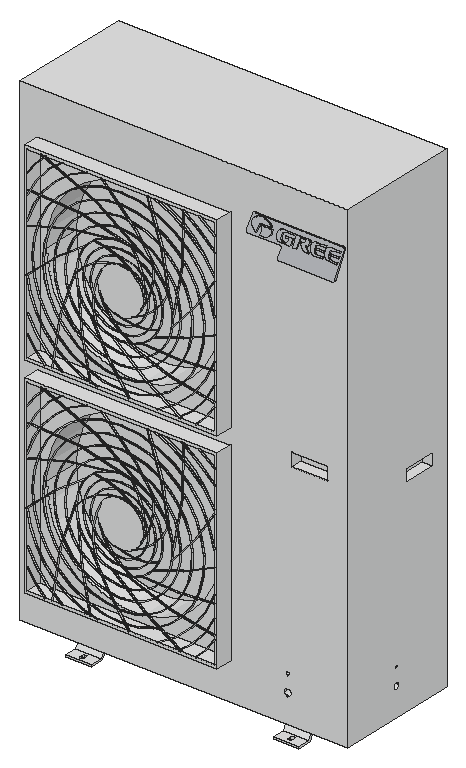
Revit family "GMV-160WLC-T", category 常规模型, Revit 2014 (continued)
Definition of nested family "左视图进风口网格（120）"
  Forms (mm)
    Extrusion 8, void
      sketch origin (0, 0, -177) x (1, 0, 0) y (0, 0, 1)
        loop
          arc (-3, 578.5) -> (-5.197, 583.803) -> (-10.5, 586) r 7.5
          line (-10.5, 586) -> (-92.5, 586)
          arc (-92.5, 586) -> (-97.803, 583.803) -> (-100, 578.5) r 7.5
      from 0 to 2
    Extrusion 9, void
      sketch origin (103, 0, -177) x (1, 0, 0) y (0, 0, 1)
        loop
          line (-100, 578.5) -> (-100, 544.5)
          arc (-100, 544.5) -> (-97.803, 539.197) -> (-92.5, 537) r 7.5
          line (-92.5, 537) -> (-10.5, 537)
          arc (-10.5, 537) -> (-5.197, 539.197) -> (-3, 544.5) r 7.5
          line (-3, 544.5) -> (-3, 578.5)
          arc (-3, 578.5) -> (-5.197, 583.803) -> (-10.5, 586) r 7.5
          line (-10.5, 586) -> (-92.5, 586)
          arc (-92.5, 586) -> (-97.803, 583.803) -> (-100, 578.5) r 7.5
      from 0 to 2
    Extrusion 10, void
      sketch origin (0, 0, -236) x (1, 0, 0) y (0, 0, 1)
        loop
          line (-100, 578.5) -> (-100, 544.5)
          arc (-100, 544.5) -> (-97.803, 539.197) -> (-92.5, 537) r 7.5
          line (-92.5, 537) -> (-10.5, 537)
          arc (-10.5, 537) -> (-5.197, 539.197) -> (-3, 544.5) r 7.5
          line (-3, 544.5) -> (-3, 578.5)
          arc (-3, 578.5) -> (-5.197, 583.803) -> (-10.5, 586) r 7.5
          line (-10.5, 586) -> (-92.5, 586)
          arc (-92.5, 586) -> (-97.803, 583.803) -> (-100, 578.5) r 7.5
      from 0 to 2
    Extrusion 11, void
      sketch origin (103, 0, -236) x (1, 0, 0) y (0, 0, 1)
        loop
          line (-100, 578.5) -> (-100, 544.5)
          arc (-100, 544.5) -> (-97.803, 539.197) -> (-92.5, 537) r 7.5
          line (-92.5, 537) -> (-10.5, 537)
          arc (-10.5, 537) -> (-5.197, 539.197) -> (-3, 544.5) r 7.5
          line (-3, 544.5) -> (-3, 578.5)
          arc (-3, 578.5) -> (-5.197, 583.803) -> (-10.5, 586) r 7.5
          line (-10.5, 586) -> (-92.5, 586)
          arc (-92.5, 586) -> (-97.803, 583.803) -> (-100, 578.5) r 7.5
      from 0 to 2
    Extrusion 12, void
      sketch origin (0, 0, -295) x (1, 0, 0) y (0, 0, 1)
        loop
          line (-100, 578.5) -> (-100, 544.5)
          arc (-100, 544.5) -> (-97.803, 539.197) -> (-92.5, 537) r 7.5
          line (-92.5, 537) -> (-10.5, 537)
          arc (-10.5, 537) -> (-5.197, 539.197) -> (-3, 544.5) r 7.5
          line (-3, 544.5) -> (-3, 578.5)
          arc (-3, 578.5) -> (-5.197, 583.803) -> (-10.5, 586) r 7.5
          line (-10.5, 586) -> (-92.5, 586)
          arc (-92.5, 586) -> (-97.803, 583.803) -> (-100, 578.5) r 7.5
      from 0 to 2
    Extrusion 13, void
      sketch origin (103, 0, -295) x (1, 0, 0) y (0, 0, 1)
        loop
          line (-100, 578.5) -> (-100, 544.5)
          arc (-100, 544.5) -> (-97.803, 539.197) -> (-92.5, 537) r 7.5
          line (-92.5, 537) -> (-10.5, 537)
          arc (-10.5, 537) -> (-5.197, 539.197) -> (-3, 544.5) r 7.5
          line (-3, 544.5) -> (-3, 578.5)
          arc (-3, 578.5) -> (-5.197, 583.803) -> (-10.5, 586) r 7.5
          line (-10.5, 586) -> (-92.5, 586)
          arc (-92.5, 586) -> (-97.803, 583.803) -> (-100, 578.5) r 7.5
      from 0 to 2
    Extrusion 14, void
      sketch origin (0, 0, -354) x (1, 0, 0) y (0, 0, 1)
        loop
          line (-100, 578.5) -> (-100, 544.5)
          arc (-100, 544.5) -> (-97.803, 539.197) -> (-92.5, 537) r 7.5
          line (-92.5, 537) -> (-10.5, 537)
          arc (-10.5, 537) -> (-5.197, 539.197) -> (-3, 544.5) r 7.5
          line (-3, 544.5) -> (-3, 578.5)
          arc (-3, 578.5) -> (-5.197, 583.803) -> (-10.5, 586) r 7.5
          line (-10.5, 586) -> (-92.5, 586)
          arc (-92.5, 586) -> (-97.803, 583.803) -> (-100, 578.5) r 7.5
      from 0 to 2
    Extrusion 15, void
      sketch origin (103, 0, -354) x (1, 0, 0) y (0, 0, 1)
        loop
          line (-100, 578.5) -> (-100, 544.5)
          arc (-100, 544.5) -> (-97.803, 539.197) -> (-92.5, 537) r 7.5
          line (-92.5, 537) -> (-10.5, 537)
          arc (-10.5, 537) -> (-5.197, 539.197) -> (-3, 544.5) r 7.5
          line (-3, 544.5) -> (-3, 578.5)
          arc (-3, 578.5) -> (-5.197, 583.803) -> (-10.5, 586) r 7.5
          line (-10.5, 586) -> (-92.5, 586)
          arc (-92.5, 586) -> (-97.803, 583.803) -> (-100, 578.5) r 7.5
      from 0 to 2
    Extrusion 16, void
      sketch origin (0, 0, -413) x (1, 0, 0) y (0, 0, 1)
        loop
          line (-100, 578.5) -> (-100, 544.5)
          arc (-100, 544.5) -> (-97.803, 539.197) -> (-92.5, 537) r 7.5
          line (-92.5, 537) -> (-10.5, 537)
          arc (-10.5, 537) -> (-5.197, 539.197) -> (-3, 544.5) r 7.5
          line (-3, 544.5) -> (-3, 578.5)
          arc (-3, 578.5) -> (-5.197, 583.803) -> (-10.5, 586) r 7.5
          line (-10.5, 586) -> (-92.5, 586)
          arc (-92.5, 586) -> (-97.803, 583.803) -> (-100, 578.5) r 7.5
      from 0 to 2
    Extrusion 17, void
      sketch origin (103, 0, -413) x (1, 0, 0) y (0, 0, 1)
        loop
          line (-100, 578.5) -> (-100, 544.5)
          arc (-100, 544.5) -> (-97.803, 539.197) -> (-92.5, 537) r 7.5
          line (-92.5, 537) -> (-10.5, 537)
          arc (-10.5, 537) -> (-5.197, 539.197) -> (-3, 544.5) r 7.5
          line (-3, 544.5) -> (-3, 578.5)
          arc (-3, 578.5) -> (-5.197, 583.803) -> (-10.5, 586) r 7.5
          line (-10.5, 586) -> (-92.5, 586)
          arc (-92.5, 586) -> (-97.803, 583.803) -> (-100, 578.5) r 7.5
      from 0 to 2
    Extrusion 18, void
      sketch origin (0, 0, -472) x (1, 0, 0) y (0, 0, 1)
        loop
          line (-100, 578.5) -> (-100, 544.5)
          arc (-100, 544.5) -> (-97.803, 539.197) -> (-92.5, 537) r 7.5
          line (-92.5, 537) -> (-10.5, 537)
          arc (-10.5, 537) -> (-5.197, 539.197) -> (-3, 544.5) r 7.5
          line (-3, 544.5) -> (-3, 578.5)
          arc (-3, 578.5) -> (-5.197, 583.803) -> (-10.5, 586) r 7.5
          line (-10.5, 586) -> (-92.5, 586)
          arc (-92.5, 586) -> (-97.803, 583.803) -> (-100, 578.5) r 7.5
      from 0 to 2
    Extrusion 19, void
      sketch origin (103, 0, -472) x (1, 0, 0) y (0, 0, 1)
        loop
          line (-100, 578.5) -> (-100, 544.5)
          arc (-100, 544.5) -> (-97.803, 539.197) -> (-92.5, 537) r 7.5
          line (-92.5, 537) -> (-10.5, 537)
          arc (-10.5, 537) -> (-5.197, 539.197) -> (-3, 544.5) r 7.5
          line (-3, 544.5) -> (-3, 578.5)
          arc (-3, 578.5) -> (-5.197, 583.803) -> (-10.5, 586) r 7.5
          line (-10.5, 586) -> (-92.5, 586)
          arc (-92.5, 586) -> (-97.803, 583.803) -> (-100, 578.5) r 7.5
      from 0 to 2
    Extrusion 20, void
      sketch origin (0, 0, -531) x (1, 0, 0) y (0, 0, 1)
        loop
          line (-100, 578.5) -> (-100, 544.5)
          arc (-100, 544.5) -> (-97.803, 539.197) -> (-92.5, 537) r 7.5
          line (-92.5, 537) -> (-10.5, 537)
          arc (-10.5, 537) -> (-5.197, 539.197) -> (-3, 544.5) r 7.5
          line (-3, 544.5) -> (-3, 578.5)
          arc (-3, 578.5) -> (-5.197, 583.803) -> (-10.5, 586) r 7.5
          line (-10.5, 586) -> (-92.5, 586)
          arc (-92.5, 586) -> (-97.803, 583.803) -> (-100, 578.5) r 7.5
      from 0 to 2
    Extrusion 21, void
      sketch origin (103, 0, -531) x (1, 0, 0) y (0, 0, 1)
        loop
          line (-100, 578.5) -> (-100, 544.5)
          arc (-100, 544.5) -> (-97.803, 539.197) -> (-92.5, 537) r 7.5
          line (-92.5, 537) -> (-10.5, 537)
          arc (-10.5, 537) -> (-5.197, 539.197) -> (-3, 544.5) r 7.5
          line (-3, 544.5) -> (-3, 578.5)
          arc (-3, 578.5) -> (-5.197, 583.803) -> (-10.5, 586) r 7.5
          line (-10.5, 586) -> (-92.5, 586)
          arc (-92.5, 586) -> (-97.803, 583.803) -> (-100, 578.5) r 7.5
      from 0 to 2
  Cuts and joins
    Extrusion 2, Extrusion 3, Extrusion 4, Extrusion 5, Extrusion 6, Extrusion 7, Extrusion 8, Extrusion 9, Extrusion 10, Extrusion 11, Extrusion 12, Extrusion 13, Extrusion 14, Extrusion 15, Extrusion 16, Extrusion 17, Extrusion 18, Extrusion 19, Extrusion 20, Extrusion 21 cuts Extrusion 1
  Dimensions and locks
    "进风口外边高": plane 4 to level
    equal spacing: plane 6, plane 3 "中心(左/右)", plane 5
    "进风口内边宽": plane 6 to plane 5
    equal spacing: plane 23, plane 3 "中心(左/右)", plane 22
    "进风口外边宽": plane 23 to plane 22
    "进风口内边高": plane 24 to level
    aligned and locked: level to plane 2
    aligned and locked: Extrusion 1 sketch curve to plane 4
    aligned and locked: plane 22 to Extrusion 1 sketch curve
    aligned and locked: plane 2 to Extrusion 1 sketch curve
    aligned and locked: Extrusion 1 sketch curve to plane 23
  Automatic sketch dimensions
    Extrusion 2 sketch curve to plane 5 = 0.00 mm
    Extrusion 2 sketch curve to plane 9 = 0.00 mm  (x2)
    Extrusion 2 sketch curve to plane 7 = 0.00 mm  (x2)
    Extrusion 2 sketch curve to plane 10 = 0.00 mm  (x2)
    Extrusion 2 sketch curve to plane 13 = 0.00 mm
    Extrusion 3 sketch curve to plane 7 = 0.00 mm  (x2)
    Extrusion 3 sketch curve to plane 12 = 0.00 mm
    Extrusion 3 sketch curve to plane 13 = 0.00 mm
    Extrusion 3 sketch curve to plane 8 = 0.00 mm  (x2)
    Extrusion 3 sketch curve to plane 24 = 0.00 mm
    Extrusion 3 sketch curve to plane 6 = 0.00 mm
    Extrusion 4 sketch curve to plane 5 = 0.00 mm
    Extrusion 4 sketch curve to plane 9 = 0.00 mm  (x2)
    Extrusion 4 sketch curve to plane 10 = 0.00 mm  (x2)
    Extrusion 4 sketch curve to plane 11 = 0.00 mm
    Extrusion 4 sketch curve to plane 14 = 0.00 mm
    plane 15 to Extrusion 4 sketch curve = 17.50 mm
    Extrusion 5 sketch curve to plane 12 = 0.00 mm
    Extrusion 5 sketch curve to plane 14 = 0.00 mm
    Extrusion 5 sketch curve to plane 6 = 0.00 mm
    plane 12 to Extrusion 5 sketch curve = 7.50 mm
    Extrusion 5 sketch curve to Extrusion 5 sketch curve = 7.50 mm
    Extrusion 5 sketch curve to plane 6 = 7.50 mm  (x2)
    plane 15 to Extrusion 5 sketch curve = 17.50 mm
    Extrusion 6 sketch curve to plane 5 = 0.00 mm
    plane 9 to Extrusion 6 sketch curve = 0.00 mm  (x2)
    plane 10 to Extrusion 6 sketch curve = 0.00 mm  (x2)
    Extrusion 6 sketch curve to plane 11 = 0.00 mm
    Extrusion 6 sketch curve to plane 15 = 0.00 mm
    plane 16 to Extrusion 6 sketch curve = 17.50 mm
    Extrusion 7 sketch curve to plane 12 = 0.00 mm
    Extrusion 7 sketch curve to plane 15 = 0.00 mm
    Extrusion 7 sketch curve to plane 6 = 0.00 mm
    plane 12 to Extrusion 7 sketch curve = 7.50 mm
    Extrusion 7 sketch curve to Extrusion 7 sketch curve = 7.50 mm
    Extrusion 7 sketch curve to plane 6 = 7.50 mm  (x2)
    plane 16 to Extrusion 7 sketch curve = 17.50 mm
    Extrusion 8 sketch curve to plane 5 = 0.00 mm
    plane 9 to Extrusion 8 sketch curve = 0.00 mm  (x2)
    plane 10 to Extrusion 8 sketch curve = 0.00 mm  (x2)
    plane 11 to Extrusion 8 sketch curve = 0.00 mm
    Extrusion 8 sketch curve to plane 16 = 0.00 mm
    plane 17 to Extrusion 8 sketch curve = 17.50 mm
    plane 12 to Extrusion 9 sketch curve = 0.00 mm
    Extrusion 9 sketch curve to plane 16 = 0.00 mm
    Extrusion 9 sketch curve to plane 6 = 0.00 mm
    plane 12 to Extrusion 9 sketch curve = 7.50 mm
    Extrusion 9 sketch curve to Extrusion 9 sketch curve = 7.50 mm
    Extrusion 9 sketch curve to plane 6 = 7.50 mm  (x2)
    plane 17 to Extrusion 9 sketch curve = 17.50 mm
    Extrusion 10 sketch curve to plane 5 = 0.00 mm
    plane 9 to Extrusion 10 sketch curve = 0.00 mm  (x2)
    plane 10 to Extrusion 10 sketch curve = 0.00 mm  (x2)
    plane 11 to Extrusion 10 sketch curve = 0.00 mm
    Extrusion 10 sketch curve to plane 17 = 0.00 mm
    plane 18 to Extrusion 10 sketch curve = 17.50 mm
    plane 12 to Extrusion 11 sketch curve = 0.00 mm
    Extrusion 11 sketch curve to plane 17 = 0.00 mm
    Extrusion 11 sketch curve to plane 6 = 0.00 mm
    plane 12 to Extrusion 11 sketch curve = 7.50 mm
    Extrusion 11 sketch curve to Extrusion 11 sketch curve = 7.50 mm
    Extrusion 11 sketch curve to plane 6 = 7.50 mm  (x2)
    plane 18 to Extrusion 11 sketch curve = 17.50 mm
    Extrusion 12 sketch curve to plane 5 = 0.00 mm
    plane 9 to Extrusion 12 sketch curve = 0.00 mm  (x2)
    plane 10 to Extrusion 12 sketch curve = 0.00 mm  (x2)
    plane 11 to Extrusion 12 sketch curve = 0.00 mm
    Extrusion 12 sketch curve to plane 18 = 0.00 mm
    plane 19 to Extrusion 12 sketch curve = 17.50 mm
    plane 12 to Extrusion 13 sketch curve = 0.00 mm
    Extrusion 13 sketch curve to plane 18 = 0.00 mm
    Extrusion 13 sketch curve to plane 6 = 0.00 mm
    plane 12 to Extrusion 13 sketch curve = 7.50 mm
    Extrusion 13 sketch curve to Extrusion 13 sketch curve = 7.50 mm
    Extrusion 13 sketch curve to plane 6 = 7.50 mm  (x2)
    plane 19 to Extrusion 13 sketch curve = 17.50 mm
    Extrusion 14 sketch curve to plane 5 = 0.00 mm
    plane 9 to Extrusion 14 sketch curve = 0.00 mm  (x2)
    plane 10 to Extrusion 14 sketch curve = 0.00 mm  (x2)
    plane 11 to Extrusion 14 sketch curve = 0.00 mm
    Extrusion 14 sketch curve to plane 19 = 0.00 mm
    plane 20 to Extrusion 14 sketch curve = 17.50 mm
    plane 12 to Extrusion 15 sketch curve = 0.00 mm
    Extrusion 15 sketch curve to plane 19 = 0.00 mm
    Extrusion 15 sketch curve to plane 6 = 0.00 mm
    plane 12 to Extrusion 15 sketch curve = 7.50 mm
    Extrusion 15 sketch curve to Extrusion 15 sketch curve = 7.50 mm
    Extrusion 15 sketch curve to plane 6 = 7.50 mm  (x2)
    plane 20 to Extrusion 15 sketch curve = 17.50 mm
    Extrusion 16 sketch curve to plane 5 = 0.00 mm
    plane 9 to Extrusion 16 sketch curve = 0.00 mm  (x2)
    plane 10 to Extrusion 16 sketch curve = 0.00 mm  (x2)
    plane 11 to Extrusion 16 sketch curve = 0.00 mm
    Extrusion 16 sketch curve to plane 20 = 0.00 mm
    plane 21 to Extrusion 16 sketch curve = 17.50 mm
    plane 12 to Extrusion 17 sketch curve = 0.00 mm
    Extrusion 17 sketch curve to plane 20 = 0.00 mm
    Extrusion 17 sketch curve to plane 6 = 0.00 mm
    plane 12 to Extrusion 17 sketch curve = 7.50 mm
    Extrusion 17 sketch curve to Extrusion 17 sketch curve = 7.50 mm
    Extrusion 17 sketch curve to plane 6 = 7.50 mm  (x2)
    plane 21 to Extrusion 17 sketch curve = 17.50 mm
    Extrusion 18 sketch curve to plane 5 = 0.00 mm
    plane 9 to Extrusion 18 sketch curve = 0.00 mm  (x2)
    plane 10 to Extrusion 18 sketch curve = 0.00 mm  (x2)
    plane 11 to Extrusion 18 sketch curve = 0.00 mm
    Extrusion 18 sketch curve to plane 21 = 0.00 mm
    plane 25 to Extrusion 18 sketch curve = 17.50 mm
    plane 12 to Extrusion 19 sketch curve = 0.00 mm
    Extrusion 19 sketch curve to plane 21 = 0.00 mm
    Extrusion 19 sketch curve to plane 6 = 0.00 mm
    plane 12 to Extrusion 19 sketch curve = 7.50 mm
    Extrusion 19 sketch curve to Extrusion 19 sketch curve = 7.50 mm
    Extrusion 19 sketch curve to plane 6 = 7.50 mm  (x2)
    plane 25 to Extrusion 19 sketch curve = 17.50 mm
    Extrusion 20 sketch curve to plane 5 = 0.00 mm
    plane 9 to Extrusion 20 sketch curve = 0.00 mm  (x2)
    plane 10 to Extrusion 20 sketch curve = 0.00 mm  (x2)
    plane 11 to Extrusion 20 sketch curve = 0.00 mm
    Extrusion 20 sketch curve to plane 25 = 0.00 mm
    level to Extrusion 20 sketch curve = 13.50 mm
    plane 12 to Extrusion 21 sketch curve = 0.00 mm
    Extrusion 21 sketch curve to plane 25 = 0.00 mm
    Extrusion 21 sketch curve to plane 6 = 0.00 mm
    plane 12 to Extrusion 21 sketch curve = 7.50 mm
    Extrusion 21 sketch curve to Extrusion 21 sketch curve = 7.50 mm  (x2)
    level to Extrusion 21 sketch curve = 6.00 mm
    Extrusion 21 sketch curve to plane 6 = 7.50 mm
Definition of nested family "家用多联机-外机-后视图进分口网格（120）"
  Parameters (values of type "家用多联机-外机-后视图进风口（120）")
    进风口外边高 = 605.00 mm
    进风口外边宽 = 636.00 mm
    进风口内边高 = 600.00 mm
    进风口内边宽 = 626.00 mm
    材质 = none
  Reference planes
    plane 1 "中心(前/后)": y = 0
    plane 2: z = 0
    plane 3 "中心(左/右)": x = 0
    plane 4: x = -313
    plane 5: x = 313
    plane 6: z = 605
    plane 7: z = 600
    plane 8: x = -318
    plane 9: x = 318
    plane 10: x = -108.5
    plane 11: x = -305.5
    plane 12: x = -116
    plane 13: z = 595
    plane 14: z = 553
    plane 15: z = 548
    plane 16: z = 546.4
    plane 17: x = -103.5
    plane 18: x = 106.25
    plane 19: z = 492.4
    plane 20: z = 438.4
    plane 21: z = 384.4
    plane 22: z = 330.4
    plane 23: z = 276.4
    plane 24: z = 222.4
    plane 25: z = 168.4
    plane 26: z = 114.4
    plane 27: z = 60.4
  Forms (mm)
    Extrusion 1, solid, material <- "材质"
      sketch origin (0, 0, 0) x (1, 0, 0) y (0, 0, 1)
        loop
          line (-318, 605) -> (-318, 0) -> (318, 0) -> (318, 605) -> (-318, 605)
      from 0 to 2
    Extrusion 2, void
      sketch origin (0, 0, 0) x (1, 0, 0) y (0, 0, 1)
        loop
          line (-313, 592.5) -> (-313, 555.5)
          arc (-313, 555.5) -> (-310.803, 550.197) -> (-305.5, 548) r 7.5
          line (-305.5, 548) -> (-116, 548)
          arc (-116, 548) -> (-110.697, 550.197) -> (-108.5, 555.5) r 7.5
          line (-108.5, 555.5) -> (-108.5, 592.5)
          arc (-108.5, 592.5) -> (-110.697, 597.803) -> (-116, 600) r 7.5
          line (-116, 600) -> (-305.5, 600)
          arc (-305.5, 600) -> (-310.803, 597.803) -> (-313, 592.5) r 7.5
      from 0 to 5
    Extrusion 3, void
      sketch origin (209.5, 0, 0) x (1, 0, 0) y (0, 0, 1)
        loop
          line (-313, 592.5) -> (-313, 555.5)
          arc (-313, 555.5) -> (-310.803, 550.197) -> (-305.5, 548) r 7.5
          line (-305.5, 548) -> (-116, 548)
          arc (-116, 548) -> (-110.697, 550.197) -> (-108.5, 555.5) r 7.5
          line (-108.5, 555.5) -> (-108.5, 592.5)
          arc (-108.5, 592.5) -> (-110.697, 597.803) -> (-116, 600) r 7.5
          line (-116, 600) -> (-305.5, 600)
          arc (-305.5, 600) -> (-310.803, 597.803) -> (-313, 592.5) r 7.5
      from 0 to 5
    Extrusion 4, void
      sketch origin (419.25, 0, 0) x (1, 0, 0) y (0, 0, 1)
        loop
          line (-313, 592.5) -> (-313, 555.5)
          arc (-313, 555.5) -> (-310.803, 550.197) -> (-305.5, 548) r 7.5
          line (-305.5, 548) -> (-116, 548)
          arc (-116, 548) -> (-110.697, 550.197) -> (-108.5, 555.5) r 7.5
          line (-108.5, 555.5) -> (-108.5, 592.5)
          arc (-108.5, 592.5) -> (-110.697, 597.803) -> (-116, 600) r 7.5
          line (-116, 600) -> (-305.5, 600)
          arc (-305.5, 600) -> (-310.803, 597.803) -> (-313, 592.5) r 7.5
      from 0 to 5
    Extrusion 5, void
      sketch origin (0, 0, -53.6) x (1, 0, 0) y (0, 0, 1)
        loop
          line (-313, 592.5) -> (-313, 555.5)
          arc (-313, 555.5) -> (-310.803, 550.197) -> (-305.5, 548) r 7.5
          line (-305.5, 548) -> (-116, 548)
          arc (-116, 548) -> (-110.697, 550.197) -> (-108.5, 555.5) r 7.5
          line (-108.5, 555.5) -> (-108.5, 592.5)
          arc (-108.5, 592.5) -> (-110.697, 597.803) -> (-116, 600) r 7.5
          line (-116, 600) -> (-305.5, 600)
          arc (-305.5, 600) -> (-310.803, 597.803) -> (-313, 592.5) r 7.5
      from 0 to 5
    Extrusion 6, void
      sketch origin (209.5, 0, -53.6) x (1, 0, 0) y (0, 0, 1)
        loop
          line (-313, 592.5) -> (-313, 555.5)
          arc (-313, 555.5) -> (-310.803, 550.197) -> (-305.5, 548) r 7.5
          line (-305.5, 548) -> (-116, 548)
          arc (-116, 548) -> (-110.697, 550.197) -> (-108.5, 555.5) r 7.5
          line (-108.5, 555.5) -> (-108.5, 592.5)
          arc (-108.5, 592.5) -> (-110.697, 597.803) -> (-116, 600) r 7.5
          line (-116, 600) -> (-305.5, 600)
          arc (-305.5, 600) -> (-310.803, 597.803) -> (-313, 592.5) r 7.5
      from 0 to 5
    Extrusion 7, void
      sketch origin (419.25, 0, -53.6) x (1, 0, 0) y (0, 0, 1)
        loop
          line (-313, 592.5) -> (-313, 555.5)
          arc (-313, 555.5) -> (-310.803, 550.197) -> (-305.5, 548) r 7.5
          line (-305.5, 548) -> (-116, 548)
          arc (-116, 548) -> (-110.697, 550.197) -> (-108.5, 555.5) r 7.5
          line (-108.5, 555.5) -> (-108.5, 592.5)
          arc (-108.5, 592.5) -> (-110.697, 597.803) -> (-116, 600) r 7.5
          line (-116, 600) -> (-305.5, 600)
          arc (-305.5, 600) -> (-310.803, 597.803) -> (-313, 592.5) r 7.5
      from 0 to 5
    Extrusion 8, void
      sketch origin (0, 0, -107.6) x (1, 0, 0) y (0, 0, 1)
        loop
          line (-313, 592.5) -> (-313, 555.5)
          arc (-313, 555.5) -> (-310.803, 550.197) -> (-305.5, 548) r 7.5
          line (-305.5, 548) -> (-116, 548)
          arc (-116, 548) -> (-110.697, 550.197) -> (-108.5, 555.5) r 7.5
          line (-108.5, 555.5) -> (-108.5, 592.5)
          arc (-108.5, 592.5) -> (-110.697, 597.803) -> (-116, 600) r 7.5
          line (-116, 600) -> (-305.5, 600)
          arc (-305.5, 600) -> (-310.803, 597.803) -> (-313, 592.5) r 7.5
      from 0 to 5
    Extrusion 9, void
      sketch origin (209.5, 0, -107.6) x (1, 0, 0) y (0, 0, 1)
        loop
          line (-313, 592.5) -> (-313, 555.5)
          arc (-313, 555.5) -> (-310.803, 550.197) -> (-305.5, 548) r 7.5
          line (-305.5, 548) -> (-116, 548)
          arc (-116, 548) -> (-110.697, 550.197) -> (-108.5, 555.5) r 7.5
          line (-108.5, 555.5) -> (-108.5, 592.5)
          arc (-108.5, 592.5) -> (-110.697, 597.803) -> (-116, 600) r 7.5
          line (-116, 600) -> (-305.5, 600)
          arc (-305.5, 600) -> (-310.803, 597.803) -> (-313, 592.5) r 7.5
      from 0 to 5
    Extrusion 10, void
      sketch origin (419.25, 0, -107.6) x (1, 0, 0) y (0, 0, 1)
        loop
          line (-313, 592.5) -> (-313, 555.5)
          arc (-313, 555.5) -> (-310.803, 550.197) -> (-305.5, 548) r 7.5
          line (-305.5, 548) -> (-116, 548)
          arc (-116, 548) -> (-110.697, 550.197) -> (-108.5, 555.5) r 7.5
          line (-108.5, 555.5) -> (-108.5, 592.5)
          arc (-108.5, 592.5) -> (-110.697, 597.803) -> (-116, 600) r 7.5
          line (-116, 600) -> (-305.5, 600)
          arc (-305.5, 600) -> (-310.803, 597.803) -> (-313, 592.5) r 7.5
      from 0 to 5
    Extrusion 11, void
      sketch origin (0, 0, -161.6) x (1, 0, 0) y (0, 0, 1)
        loop
          line (-313, 592.5) -> (-313, 555.5)
          arc (-313, 555.5) -> (-310.803, 550.197) -> (-305.5, 548) r 7.5
          line (-305.5, 548) -> (-116, 548)
          arc (-116, 548) -> (-110.697, 550.197) -> (-108.5, 555.5) r 7.5
          line (-108.5, 555.5) -> (-108.5, 592.5)
          arc (-108.5, 592.5) -> (-110.697, 597.803) -> (-116, 600) r 7.5
          line (-116, 600) -> (-305.5, 600)
          arc (-305.5, 600) -> (-310.803, 597.803) -> (-313, 592.5) r 7.5
      from 0 to 5
    Extrusion 12, void
      sketch origin (209.5, 0, -161.6) x (1, 0, 0) y (0, 0, 1)
        loop
          line (-313, 592.5) -> (-313, 555.5)
          arc (-313, 555.5) -> (-310.803, 550.197) -> (-305.5, 548) r 7.5
          line (-305.5, 548) -> (-116, 548)
          arc (-116, 548) -> (-110.697, 550.197) -> (-108.5, 555.5) r 7.5
          line (-108.5, 555.5) -> (-108.5, 592.5)
          arc (-108.5, 592.5) -> (-110.697, 597.803) -> (-116, 600) r 7.5
          line (-116, 600) -> (-305.5, 600)
          arc (-305.5, 600) -> (-310.803, 597.803) -> (-313, 592.5) r 7.5
      from 0 to 5
    Extrusion 13, void
      sketch origin (419.25, 0, -161.6) x (1, 0, 0) y (0, 0, 1)
        loop
          line (-313, 592.5) -> (-313, 555.5)
          arc (-313, 555.5) -> (-310.803, 550.197) -> (-305.5, 548) r 7.5
          line (-305.5, 548) -> (-116, 548)
          arc (-116, 548) -> (-110.697, 550.197) -> (-108.5, 555.5) r 7.5
          line (-108.5, 555.5) -> (-108.5, 592.5)
          arc (-108.5, 592.5) -> (-110.697, 597.803) -> (-116, 600) r 7.5
          line (-116, 600) -> (-305.5, 600)
          arc (-305.5, 600) -> (-310.803, 597.803) -> (-313, 592.5) r 7.5
      from 0 to 5
    Extrusion 14, void
      sketch origin (0, 0, -215.6) x (1, 0, 0) y (0, 0, 1)
        loop
          line (-313, 592.5) -> (-313, 555.5)
          arc (-313, 555.5) -> (-310.803, 550.197) -> (-305.5, 548) r 7.5
          line (-305.5, 548) -> (-116, 548)
          arc (-116, 548) -> (-110.697, 550.197) -> (-108.5, 555.5) r 7.5
          line (-108.5, 555.5) -> (-108.5, 592.5)
          arc (-108.5, 592.5) -> (-110.697, 597.803) -> (-116, 600) r 7.5
          line (-116, 600) -> (-305.5, 600)
          arc (-305.5, 600) -> (-310.803, 597.803) -> (-313, 592.5) r 7.5
      from 0 to 5
    Extrusion 15, void
      sketch origin (209.5, 0, -215.6) x (1, 0, 0) y (0, 0, 1)
        loop
          line (-313, 592.5) -> (-313, 555.5)
          arc (-313, 555.5) -> (-310.803, 550.197) -> (-305.5, 548) r 7.5
          line (-305.5, 548) -> (-116, 548)
          arc (-116, 548) -> (-110.697, 550.197) -> (-108.5, 555.5) r 7.5
          line (-108.5, 555.5) -> (-108.5, 592.5)
          arc (-108.5, 592.5) -> (-110.697, 597.803) -> (-116, 600) r 7.5
          line (-116, 600) -> (-305.5, 600)
          arc (-305.5, 600) -> (-310.803, 597.803) -> (-313, 592.5) r 7.5
      from 0 to 5
    Extrusion 16, void
      sketch origin (419.25, 0, -215.6) x (1, 0, 0) y (0, 0, 1)
        loop
          line (-313, 592.5) -> (-313, 555.5)
          arc (-313, 555.5) -> (-310.803, 550.197) -> (-305.5, 548) r 7.5
          line (-305.5, 548) -> (-116, 548)
          arc (-116, 548) -> (-110.697, 550.197) -> (-108.5, 555.5) r 7.5
          line (-108.5, 555.5) -> (-108.5, 592.5)
          arc (-108.5, 592.5) -> (-110.697, 597.803) -> (-116, 600) r 7.5
          line (-116, 600) -> (-305.5, 600)
          arc (-305.5, 600) -> (-310.803, 597.803) -> (-313, 592.5) r 7.5
      from 0 to 5
    Extrusion 17, void
      sketch origin (0, 0, -269.6) x (1, 0, 0) y (0, 0, 1)
        loop
          line (-313, 592.5) -> (-313, 555.5)
          arc (-313, 555.5) -> (-310.803, 550.197) -> (-305.5, 548) r 7.5
          line (-305.5, 548) -> (-116, 548)
          arc (-116, 548) -> (-110.697, 550.197) -> (-108.5, 555.5) r 7.5
          line (-108.5, 555.5) -> (-108.5, 592.5)
          arc (-108.5, 592.5) -> (-110.697, 597.803) -> (-116, 600) r 7.5
          line (-116, 600) -> (-305.5, 600)
          arc (-305.5, 600) -> (-310.803, 597.803) -> (-313, 592.5) r 7.5
      from 0 to 5
    Extrusion 18, void
      sketch origin (209.5, 0, -269.6) x (1, 0, 0) y (0, 0, 1)
        loop
          line (-313, 592.5) -> (-313, 555.5)
          arc (-313, 555.5) -> (-310.803, 550.197) -> (-305.5, 548) r 7.5
          line (-305.5, 548) -> (-116, 548)
          arc (-116, 548) -> (-110.697, 550.197) -> (-108.5, 555.5) r 7.5
          line (-108.5, 555.5) -> (-108.5, 592.5)
          arc (-108.5, 592.5) -> (-110.697, 597.803) -> (-116, 600) r 7.5
          line (-116, 600) -> (-305.5, 600)
          arc (-305.5, 600) -> (-310.803, 597.803) -> (-313, 592.5) r 7.5
      from 0 to 5
    Extrusion 19, void
      sketch origin (419.25, 0, -269.6) x (1, 0, 0) y (0, 0, 1)
        loop
          line (-313, 592.5) -> (-313, 555.5)
          arc (-313, 555.5) -> (-310.803, 550.197) -> (-305.5, 548) r 7.5
          line (-305.5, 548) -> (-116, 548)
          arc (-116, 548) -> (-110.697, 550.197) -> (-108.5, 555.5) r 7.5
          line (-108.5, 555.5) -> (-108.5, 592.5)
          arc (-108.5, 592.5) -> (-110.697, 597.803) -> (-116, 600) r 7.5
          line (-116, 600) -> (-305.5, 600)
          arc (-305.5, 600) -> (-310.803, 597.803) -> (-313, 592.5) r 7.5
      from 0 to 5
    Extrusion 20, void
      sketch origin (0, 0, -323.6) x (1, 0, 0) y (0, 0, 1)
        loop
          line (-313, 592.5) -> (-313, 555.5)
          arc (-313, 555.5) -> (-310.803, 550.197) -> (-305.5, 548) r 7.5
          line (-305.5, 548) -> (-116, 548)
          arc (-116, 548) -> (-110.697, 550.197) -> (-108.5, 555.5) r 7.5
          line (-108.5, 555.5) -> (-108.5, 592.5)
          arc (-108.5, 592.5) -> (-110.697, 597.803) -> (-116, 600) r 7.5
          line (-116, 600) -> (-305.5, 600)
          arc (-305.5, 600) -> (-310.803, 597.803) -> (-313, 592.5) r 7.5
      from 0 to 5
    Extrusion 21, void
      sketch origin (209.5, 0, -323.6) x (1, 0, 0) y (0, 0, 1)
        loop
          line (-313, 592.5) -> (-313, 555.5)
          arc (-313, 555.5) -> (-310.803, 550.197) -> (-305.5, 548) r 7.5
          line (-305.5, 548) -> (-116, 548)
          arc (-116, 548) -> (-110.697, 550.197) -> (-108.5, 555.5) r 7.5
          line (-108.5, 555.5) -> (-108.5, 592.5)
          arc (-108.5, 592.5) -> (-110.697, 597.803) -> (-116, 600) r 7.5
          line (-116, 600) -> (-305.5, 600)
          arc (-305.5, 600) -> (-310.803, 597.803) -> (-313, 592.5) r 7.5
      from 0 to 5
    Extrusion 22, void
      sketch origin (419.25, 0, -323.6) x (1, 0, 0) y (0, 0, 1)
        loop
          line (-313, 592.5) -> (-313, 555.5)
          arc (-313, 555.5) -> (-310.803, 550.197) -> (-305.5, 548) r 7.5
          line (-305.5, 548) -> (-116, 548)
          arc (-116, 548) -> (-110.697, 550.197) -> (-108.5, 555.5) r 7.5
          line (-108.5, 555.5) -> (-108.5, 592.5)
          arc (-108.5, 592.5) -> (-110.697, 597.803) -> (-116, 600) r 7.5
          line (-116, 600) -> (-305.5, 600)
          arc (-305.5, 600) -> (-310.803, 597.803) -> (-313, 592.5) r 7.5
      from 0 to 5
    Extrusion 23, void
      sketch origin (0, 0, -377.6) x (1, 0, 0) y (0, 0, 1)
        loop
          line (-313, 592.5) -> (-313, 555.5)
          arc (-313, 555.5) -> (-310.803, 550.197) -> (-305.5, 548) r 7.5
          line (-305.5, 548) -> (-116, 548)
          arc (-116, 548) -> (-110.697, 550.197) -> (-108.5, 555.5) r 7.5
          line (-108.5, 555.5) -> (-108.5, 592.5)
          arc (-108.5, 592.5) -> (-110.697, 597.803) -> (-116, 600) r 7.5
          line (-116, 600) -> (-305.5, 600)
          arc (-305.5, 600) -> (-310.803, 597.803) -> (-313, 592.5) r 7.5
      from 0 to 5
    Extrusion 24, void
      sketch origin (209.5, 0, -377.6) x (1, 0, 0) y (0, 0, 1)
        loop
          line (-313, 592.5) -> (-313, 555.5)
          arc (-313, 555.5) -> (-310.803, 550.197) -> (-305.5, 548) r 7.5
          line (-305.5, 548) -> (-116, 548)
          arc (-116, 548) -> (-110.697, 550.197) -> (-108.5, 555.5) r 7.5
          line (-108.5, 555.5) -> (-108.5, 592.5)
          arc (-108.5, 592.5) -> (-110.697, 597.803) -> (-116, 600) r 7.5
          line (-116, 600) -> (-305.5, 600)
          arc (-305.5, 600) -> (-310.803, 597.803) -> (-313, 592.5) r 7.5
      from 0 to 5
    Extrusion 25, void
      sketch origin (419.25, 0, -377.6) x (1, 0, 0) y (0, 0, 1)
        loop
          line (-313, 592.5) -> (-313, 555.5)
          arc (-313, 555.5) -> (-310.803, 550.197) -> (-305.5, 548) r 7.5
          line (-305.5, 548) -> (-116, 548)
          arc (-116, 548) -> (-110.697, 550.197) -> (-108.5, 555.5) r 7.5
          line (-108.5, 555.5) -> (-108.5, 592.5)
          arc (-108.5, 592.5) -> (-110.697, 597.803) -> (-116, 600) r 7.5
          line (-116, 600) -> (-305.5, 600)
          arc (-305.5, 600) -> (-310.803, 597.803) -> (-313, 592.5) r 7.5
      from 0 to 5
    Extrusion 26, void
      sketch origin (0, 0, -431.6) x (1, 0, 0) y (0, 0, 1)
        loop
          line (-313, 592.5) -> (-313, 555.5)
          arc (-313, 555.5) -> (-310.803, 550.197) -> (-305.5, 548) r 7.5
          line (-305.5, 548) -> (-116, 548)
          arc (-116, 548) -> (-110.697, 550.197) -> (-108.5, 555.5) r 7.5
          line (-108.5, 555.5) -> (-108.5, 592.5)
          arc (-108.5, 592.5) -> (-110.697, 597.803) -> (-116, 600) r 7.5
          line (-116, 600) -> (-305.5, 600)
          arc (-305.5, 600) -> (-310.803, 597.803) -> (-313, 592.5) r 7.5
      from 0 to 5
    Extrusion 27, void
      sketch origin (209.5, 0, -431.6) x (1, 0, 0) y (0, 0, 1)
        loop
          line (-313, 592.5) -> (-313, 555.5)
          arc (-313, 555.5) -> (-310.803, 550.197) -> (-305.5, 548) r 7.5
          line (-305.5, 548) -> (-116, 548)
          arc (-116, 548) -> (-110.697, 550.197) -> (-108.5, 555.5) r 7.5
          line (-108.5, 555.5) -> (-108.5, 592.5)
          arc (-108.5, 592.5) -> (-110.697, 597.803) -> (-116, 600) r 7.5
          line (-116, 600) -> (-305.5, 600)
          arc (-305.5, 600) -> (-310.803, 597.803) -> (-313, 592.5) r 7.5
      from 0 to 5
    Extrusion 28, void
      sketch origin (419.25, 0, -431.6) x (1, 0, 0) y (0, 0, 1)
        loop
          line (-313, 592.5) -> (-313, 555.5)
          arc (-313, 555.5) -> (-310.803, 550.197) -> (-305.5, 548) r 7.5
          line (-305.5, 548) -> (-116, 548)
          arc (-116, 548) -> (-110.697, 550.197) -> (-108.5, 555.5) r 7.5
          line (-108.5, 555.5) -> (-108.5, 592.5)
          arc (-108.5, 592.5) -> (-110.697, 597.803) -> (-116, 600) r 7.5
          line (-116, 600) -> (-305.5, 600)
          arc (-305.5, 600) -> (-310.803, 597.803) -> (-313, 592.5) r 7.5
      from 0 to 5
    Extrusion 29, void
      sketch origin (0, 0, -485.6) x (1, 0, 0) y (0, 0, 1)
        loop
          line (-313, 592.5) -> (-313, 555.5)
          arc (-313, 555.5) -> (-310.803, 550.197) -> (-305.5, 548) r 7.5
          line (-305.5, 548) -> (-116, 548)
          arc (-116, 548) -> (-110.697, 550.197) -> (-108.5, 555.5) r 7.5
          line (-108.5, 555.5) -> (-108.5, 592.5)
          arc (-108.5, 592.5) -> (-110.697, 597.803) -> (-116, 600) r 7.5
          line (-116, 600) -> (-305.5, 600)
          arc (-305.5, 600) -> (-310.803, 597.803) -> (-313, 592.5) r 7.5
      from 0 to 5
    Extrusion 30, void
      sketch origin (209.5, 0, -485.6) x (1, 0, 0) y (0, 0, 1)
        loop
          line (-313, 592.5) -> (-313, 555.5)
          arc (-313, 555.5) -> (-310.803, 550.197) -> (-305.5, 548) r 7.5
          line (-305.5, 548) -> (-116, 548)
          arc (-116, 548) -> (-110.697, 550.197) -> (-108.5, 555.5) r 7.5
          line (-108.5, 555.5) -> (-108.5, 592.5)
          arc (-108.5, 592.5) -> (-110.697, 597.803) -> (-116, 600) r 7.5
          line (-116, 600) -> (-305.5, 600)
          arc (-305.5, 600) -> (-310.803, 597.803) -> (-313, 592.5) r 7.5
      from 0 to 5
    Extrusion 31, void
      sketch origin (419.25, 0, -485.6) x (1, 0, 0) y (0, 0, 1)
        loop
          line (-313, 592.5) -> (-313, 555.5)
          arc (-313, 555.5) -> (-310.803, 550.197) -> (-305.5, 548) r 7.5
          line (-305.5, 548) -> (-116, 548)
          arc (-116, 548) -> (-110.697, 550.197) -> (-108.5, 555.5) r 7.5
          line (-108.5, 555.5) -> (-108.5, 592.5)
          arc (-108.5, 592.5) -> (-110.697, 597.803) -> (-116, 600) r 7.5
          line (-116, 600) -> (-305.5, 600)
          arc (-305.5, 600) -> (-310.803, 597.803) -> (-313, 592.5) r 7.5
      from 0 to 5
    Extrusion 32, void
      sketch origin (0, 0, -539.6) x (1, 0, 0) y (0, 0, 1)
        loop
          line (-313, 592.5) -> (-313, 555.5)
          arc (-313, 555.5) -> (-310.803, 550.197) -> (-305.5, 548) r 7.5
          line (-305.5, 548) -> (-116, 548)
          arc (-116, 548) -> (-110.697, 550.197) -> (-108.5, 555.5) r 7.5
          line (-108.5, 555.5) -> (-108.5, 592.5)
          arc (-108.5, 592.5) -> (-110.697, 597.803) -> (-116, 600) r 7.5
          line (-116, 600) -> (-305.5, 600)
          arc (-305.5, 600) -> (-310.803, 597.803) -> (-313, 592.5) r 7.5
      from 0 to 5
    Extrusion 33, void
      sketch origin (209.5, 0, -539.6) x (1, 0, 0) y (0, 0, 1)
        loop
          line (-313, 592.5) -> (-313, 555.5)
          arc (-313, 555.5) -> (-310.803, 550.197) -> (-305.5, 548) r 7.5
          line (-305.5, 548) -> (-116, 548)
          arc (-116, 548) -> (-110.697, 550.197) -> (-108.5, 555.5) r 7.5
          line (-108.5, 555.5) -> (-108.5, 592.5)
          arc (-108.5, 592.5) -> (-110.697, 597.803) -> (-116, 600) r 7.5
          line (-116, 600) -> (-305.5, 600)
          arc (-305.5, 600) -> (-310.803, 597.803) -> (-313, 592.5) r 7.5
      from 0 to 5
    Extrusion 34, void
      sketch origin (419.25, 0, -539.6) x (1, 0, 0) y (0, 0, 1)
        loop
          line (-313, 592.5) -> (-313, 555.5)
          arc (-313, 555.5) -> (-310.803, 550.197) -> (-305.5, 548) r 7.5
          line (-305.5, 548) -> (-116, 548)
          arc (-116, 548) -> (-110.697, 550.197) -> (-108.5, 555.5) r 7.5
          line (-108.5, 555.5) -> (-108.5, 592.5)
          arc (-108.5, 592.5) -> (-110.697, 597.803) -> (-116, 600) r 7.5
          line (-116, 600) -> (-305.5, 600)
          arc (-305.5, 600) -> (-310.803, 597.803) -> (-313, 592.5) r 7.5
      from 0 to 5
  Cuts and joins
    Extrusion 2, Extrusion 3, Extrusion 4, Extrusion 5, Extrusion 6, Extrusion 7, Extrusion 8, Extrusion 9, Extrusion 10, Extrusion 11, Extrusion 12, Extrusion 13, Extrusion 14, Extrusion 15, Extrusion 16, Extrusion 17, Extrusion 18, Extrusion 19, Extrusion 20, Extrusion 21, Extrusion 22, Extrusion 23, Extrusion 24, Extrusion 25, Extrusion 26, Extrusion 27, Extrusion 28, Extrusion 29, Extrusion 30, Extrusion 31, Extrusion 32, Extrusion 33, Extrusion 34 cuts Extrusion 1
  Dimensions and locks
    equal spacing: plane 9, plane 3 "中心(左/右)", plane 8
    "进风口外边宽": plane 9 to plane 8
    equal spacing: plane 5, plane 3 "中心(左/右)", plane 4
    "进风口内边宽": plane 5 to plane 4
    "进风口内边高": plane 7 to level
    "进风口外边高": plane 6 to level
    aligned and locked: level to plane 2
    aligned and locked: Extrusion 1 sketch curve to plane 6
    aligned and locked: plane 8 to Extrusion 1 sketch curve
    aligned and locked: plane 2 to Extrusion 1 sketch curve
    aligned and locked: Extrusion 1 sketch curve to plane 9
  Automatic sketch dimensions
    Extrusion 2 sketch curve to plane 4 = 0.00 mm
    Extrusion 2 sketch curve to plane 11 = 0.00 mm  (x2)
    Extrusion 2 sketch curve to plane 12 = 0.00 mm  (x2)
    Extrusion 2 sketch curve to plane 10 = 0.00 mm
    Extrusion 2 sketch curve to plane 15 = 0.00 mm
    Extrusion 2 sketch curve to plane 7 = 0.00 mm
    Extrusion 3 sketch curve to plane 17 = 0.00 mm
    Extrusion 3 sketch curve to plane 15 = 0.00 mm
    Extrusion 3 sketch curve to plane 7 = 0.00 mm
    plane 17 to Extrusion 3 sketch curve = 7.50 mm
    Extrusion 3 sketch curve to plane 13 = 2.50 mm  (x2)
    Extrusion 3 sketch curve to plane 18 = 12.75 mm  (x2)
    Extrusion 4 sketch curve to plane 18 = 0.00 mm
    Extrusion 4 sketch curve to plane 15 = 0.00 mm
    Extrusion 4 sketch curve to plane 7 = 0.00 mm
    plane 18 to Extrusion 4 sketch curve = 7.50 mm
    Extrusion 4 sketch curve to plane 13 = 2.50 mm  (x2)
    Extrusion 4 sketch curve to plane 5 = 9.75 mm  (x2)
    Extrusion 5 sketch curve to plane 4 = 0.00 mm
    Extrusion 5 sketch curve to plane 11 = 0.00 mm  (x2)
    Extrusion 5 sketch curve to plane 12 = 0.00 mm  (x2)
    Extrusion 5 sketch curve to plane 10 = 0.00 mm
    Extrusion 5 sketch curve to plane 16 = 0.00 mm
    plane 19 to Extrusion 5 sketch curve = 9.50 mm
    Extrusion 6 sketch curve to plane 17 = 0.00 mm
    Extrusion 6 sketch curve to plane 16 = 0.00 mm
    plane 19 to Extrusion 6 sketch curve = 2.00 mm
    plane 17 to Extrusion 6 sketch curve = 7.50 mm
    Extrusion 6 sketch curve to Extrusion 6 sketch curve = 7.50 mm
    Extrusion 6 sketch curve to plane 18 = 12.75 mm  (x2)
    Extrusion 6 sketch curve to plane 18 = 5.25 mm
    Extrusion 7 sketch curve to plane 18 = 0.00 mm
    Extrusion 7 sketch curve to plane 16 = 0.00 mm
    plane 19 to Extrusion 7 sketch curve = 2.00 mm
    plane 18 to Extrusion 7 sketch curve = 7.50 mm
    Extrusion 7 sketch curve to Extrusion 7 sketch curve = 7.50 mm
    Extrusion 7 sketch curve to plane 5 = 9.75 mm  (x2)
    Extrusion 7 sketch curve to plane 5 = 2.25 mm
    Extrusion 8 sketch curve to plane 4 = 0.00 mm
    Extrusion 8 sketch curve to plane 11 = 0.00 mm  (x2)
    plane 12 to Extrusion 8 sketch curve = 0.00 mm
    Extrusion 8 sketch curve to plane 12 = 0.00 mm
    Extrusion 8 sketch curve to plane 10 = 0.00 mm
    Extrusion 8 sketch curve to plane 19 = 0.00 mm
    plane 20 to Extrusion 8 sketch curve = 9.50 mm
    plane 17 to Extrusion 9 sketch curve = 0.00 mm
    Extrusion 9 sketch curve to plane 19 = 0.00 mm
    plane 20 to Extrusion 9 sketch curve = 2.00 mm
    plane 17 to Extrusion 9 sketch curve = 7.50 mm
    Extrusion 9 sketch curve to Extrusion 9 sketch curve = 7.50 mm
    Extrusion 9 sketch curve to plane 18 = 12.75 mm  (x2)
    Extrusion 9 sketch curve to plane 18 = 5.25 mm
    Extrusion 10 sketch curve to plane 18 = 0.00 mm
    Extrusion 10 sketch curve to plane 19 = 0.00 mm
    plane 20 to Extrusion 10 sketch curve = 2.00 mm
    plane 18 to Extrusion 10 sketch curve = 7.50 mm  (x2)
    Extrusion 10 sketch curve to plane 5 = 9.75 mm  (x2)
    Extrusion 10 sketch curve to plane 5 = 2.25 mm
    Extrusion 11 sketch curve to plane 4 = 0.00 mm
    plane 11 to Extrusion 11 sketch curve = 0.00 mm  (x2)
    plane 12 to Extrusion 11 sketch curve = 0.00 mm  (x2)
    Extrusion 11 sketch curve to plane 10 = 0.00 mm
    Extrusion 11 sketch curve to plane 20 = 0.00 mm
    plane 21 to Extrusion 11 sketch curve = 9.50 mm
    plane 17 to Extrusion 12 sketch curve = 0.00 mm
    Extrusion 12 sketch curve to plane 20 = 0.00 mm
    plane 21 to Extrusion 12 sketch curve = 2.00 mm
    plane 17 to Extrusion 12 sketch curve = 7.50 mm
    Extrusion 12 sketch curve to Extrusion 12 sketch curve = 7.50 mm
    Extrusion 12 sketch curve to plane 18 = 12.75 mm  (x2)
    Extrusion 12 sketch curve to plane 18 = 5.25 mm
    Extrusion 13 sketch curve to plane 18 = 0.00 mm
    Extrusion 13 sketch curve to plane 20 = 0.00 mm
    plane 21 to Extrusion 13 sketch curve = 2.00 mm
    plane 18 to Extrusion 13 sketch curve = 7.50 mm  (x2)
    Extrusion 13 sketch curve to plane 5 = 9.75 mm  (x2)
    Extrusion 13 sketch curve to plane 5 = 2.25 mm
    Extrusion 14 sketch curve to plane 4 = 0.00 mm
    plane 11 to Extrusion 14 sketch curve = 0.00 mm  (x2)
    plane 12 to Extrusion 14 sketch curve = 0.00 mm  (x2)
    Extrusion 14 sketch curve to plane 10 = 0.00 mm
    Extrusion 14 sketch curve to plane 21 = 0.00 mm
    plane 22 to Extrusion 14 sketch curve = 9.50 mm
    plane 17 to Extrusion 15 sketch curve = 0.00 mm
    Extrusion 15 sketch curve to plane 21 = 0.00 mm
    plane 22 to Extrusion 15 sketch curve = 2.00 mm
    plane 17 to Extrusion 15 sketch curve = 7.50 mm  (x2)
    Extrusion 15 sketch curve to plane 18 = 12.75 mm  (x2)
    Extrusion 15 sketch curve to plane 18 = 5.25 mm
    plane 18 to Extrusion 16 sketch curve = 0.00 mm
    Extrusion 16 sketch curve to plane 21 = 0.00 mm
    plane 22 to Extrusion 16 sketch curve = 2.00 mm
    plane 18 to Extrusion 16 sketch curve = 7.50 mm  (x2)
    Extrusion 16 sketch curve to plane 5 = 9.75 mm  (x2)
    Extrusion 16 sketch curve to plane 5 = 2.25 mm
    Extrusion 17 sketch curve to plane 4 = 0.00 mm
    plane 11 to Extrusion 17 sketch curve = 0.00 mm  (x2)
    plane 12 to Extrusion 17 sketch curve = 0.00 mm  (x2)
    Extrusion 17 sketch curve to plane 10 = 0.00 mm
    Extrusion 17 sketch curve to plane 22 = 0.00 mm
    plane 23 to Extrusion 17 sketch curve = 9.50 mm
    plane 17 to Extrusion 18 sketch curve = 0.00 mm
    Extrusion 18 sketch curve to plane 22 = 0.00 mm
    plane 23 to Extrusion 18 sketch curve = 2.00 mm
    plane 17 to Extrusion 18 sketch curve = 7.50 mm  (x2)
    Extrusion 18 sketch curve to plane 18 = 12.75 mm  (x2)
    Extrusion 18 sketch curve to plane 18 = 5.25 mm
    plane 18 to Extrusion 19 sketch curve = 0.00 mm
    Extrusion 19 sketch curve to plane 22 = 0.00 mm
    plane 23 to Extrusion 19 sketch curve = 2.00 mm
    plane 18 to Extrusion 19 sketch curve = 7.50 mm  (x2)
    Extrusion 19 sketch curve to plane 5 = 9.75 mm  (x2)
    Extrusion 19 sketch curve to plane 5 = 2.25 mm
    Extrusion 20 sketch curve to plane 4 = 0.00 mm
    plane 11 to Extrusion 20 sketch curve = 0.00 mm  (x2)
    plane 12 to Extrusion 20 sketch curve = 0.00 mm  (x2)
    Extrusion 20 sketch curve to plane 10 = 0.00 mm
    Extrusion 20 sketch curve to plane 23 = 0.00 mm
    plane 24 to Extrusion 20 sketch curve = 9.50 mm
    plane 17 to Extrusion 21 sketch curve = 0.00 mm
    Extrusion 21 sketch curve to plane 23 = 0.00 mm
    plane 24 to Extrusion 21 sketch curve = 2.00 mm
    plane 17 to Extrusion 21 sketch curve = 7.50 mm  (x2)
    Extrusion 21 sketch curve to plane 18 = 12.75 mm  (x2)
    Extrusion 21 sketch curve to plane 18 = 5.25 mm
    plane 18 to Extrusion 22 sketch curve = 0.00 mm
    Extrusion 22 sketch curve to plane 23 = 0.00 mm
    plane 24 to Extrusion 22 sketch curve = 2.00 mm
    plane 18 to Extrusion 22 sketch curve = 7.50 mm  (x2)
    Extrusion 22 sketch curve to plane 5 = 9.75 mm  (x2)
    Extrusion 22 sketch curve to plane 5 = 2.25 mm
    Extrusion 23 sketch curve to plane 4 = 0.00 mm
    plane 11 to Extrusion 23 sketch curve = 0.00 mm  (x2)
    plane 12 to Extrusion 23 sketch curve = 0.00 mm  (x2)
    Extrusion 23 sketch curve to plane 10 = 0.00 mm
    Extrusion 23 sketch curve to plane 24 = 0.00 mm
    plane 25 to Extrusion 23 sketch curve = 9.50 mm
    plane 17 to Extrusion 24 sketch curve = 0.00 mm
    Extrusion 24 sketch curve to plane 24 = 0.00 mm
    plane 25 to Extrusion 24 sketch curve = 2.00 mm
    plane 17 to Extrusion 24 sketch curve = 7.50 mm  (x2)
    Extrusion 24 sketch curve to plane 18 = 12.75 mm  (x2)
    Extrusion 24 sketch curve to plane 18 = 5.25 mm
    plane 18 to Extrusion 25 sketch curve = 0.00 mm
    Extrusion 25 sketch curve to plane 24 = 0.00 mm
    plane 25 to Extrusion 25 sketch curve = 2.00 mm
    plane 18 to Extrusion 25 sketch curve = 7.50 mm  (x2)
    Extrusion 25 sketch curve to plane 5 = 9.75 mm  (x2)
    Extrusion 25 sketch curve to plane 5 = 2.25 mm
    Extrusion 26 sketch curve to plane 4 = 0.00 mm
    plane 11 to Extrusion 26 sketch curve = 0.00 mm  (x2)
    plane 12 to Extrusion 26 sketch curve = 0.00 mm  (x2)
    Extrusion 26 sketch curve to plane 10 = 0.00 mm
    Extrusion 26 sketch curve to plane 25 = 0.00 mm
    plane 26 to Extrusion 26 sketch curve = 9.50 mm
    plane 17 to Extrusion 27 sketch curve = 0.00 mm
    Extrusion 27 sketch curve to plane 25 = 0.00 mm
    plane 26 to Extrusion 27 sketch curve = 2.00 mm
    plane 17 to Extrusion 27 sketch curve = 7.50 mm  (x2)
    Extrusion 27 sketch curve to plane 18 = 12.75 mm  (x2)
    Extrusion 27 sketch curve to plane 18 = 5.25 mm
    plane 18 to Extrusion 28 sketch curve = 0.00 mm
    Extrusion 28 sketch curve to plane 25 = 0.00 mm
    plane 26 to Extrusion 28 sketch curve = 2.00 mm
    plane 18 to Extrusion 28 sketch curve = 7.50 mm  (x2)
    Extrusion 28 sketch curve to plane 5 = 9.75 mm  (x2)
    Extrusion 28 sketch curve to plane 5 = 2.25 mm
    Extrusion 29 sketch curve to plane 4 = 0.00 mm
    plane 11 to Extrusion 29 sketch curve = 0.00 mm  (x2)
    plane 12 to Extrusion 29 sketch curve = 0.00 mm  (x2)
    Extrusion 29 sketch curve to plane 10 = 0.00 mm
    Extrusion 29 sketch curve to plane 26 = 0.00 mm
    plane 27 to Extrusion 29 sketch curve = 9.50 mm
    plane 17 to Extrusion 30 sketch curve = 0.00 mm
    Extrusion 30 sketch curve to plane 26 = 0.00 mm
    plane 27 to Extrusion 30 sketch curve = 2.00 mm
    plane 17 to Extrusion 30 sketch curve = 7.50 mm  (x2)
    Extrusion 30 sketch curve to plane 18 = 12.75 mm  (x2)
    Extrusion 30 sketch curve to plane 18 = 5.25 mm
    plane 18 to Extrusion 31 sketch curve = 0.00 mm
    Extrusion 31 sketch curve to plane 26 = 0.00 mm
    plane 27 to Extrusion 31 sketch curve = 2.00 mm
    plane 18 to Extrusion 31 sketch curve = 7.50 mm  (x2)
    Extrusion 31 sketch curve to plane 5 = 9.75 mm  (x2)
    Extrusion 31 sketch curve to plane 5 = 2.25 mm
    Extrusion 32 sketch curve to plane 4 = 0.00 mm
    plane 11 to Extrusion 32 sketch curve = 0.00 mm  (x2)
    plane 12 to Extrusion 32 sketch curve = 0.00 mm  (x2)
    Extrusion 32 sketch curve to plane 10 = 0.00 mm
    Extrusion 32 sketch curve to plane 27 = 0.00 mm
    level to Extrusion 32 sketch curve = 15.90 mm
    plane 17 to Extrusion 33 sketch curve = 0.00 mm
    Extrusion 33 sketch curve to plane 27 = 0.00 mm
    plane 17 to Extrusion 33 sketch curve = 7.50 mm  (x2)
    Extrusion 33 sketch curve to plane 18 = 12.75 mm  (x2)
    Extrusion 33 sketch curve to plane 18 = 5.25 mm
    level to Extrusion 33 sketch curve = 15.90 mm
    plane 18 to Extrusion 34 sketch curve = 0.00 mm
    Extrusion 34 sketch curve to plane 27 = 0.00 mm
    plane 18 to Extrusion 34 sketch curve = 7.50 mm  (x2)
    Extrusion 34 sketch curve to plane 5 = 9.75 mm  (x2)
    Extrusion 34 sketch curve to plane 5 = 2.25 mm
    level to Extrusion 34 sketch curve = 15.90 mm
Definition of nested family "定位脚（120）"
  Parameters (values of type "定位脚（120）")
    材质 = none
    定位脚高 = 20.00 mm
    定位脚长 = 412.00 mm
    定位脚外边 = 640.00 mm
    定位孔直径 = 12.00 mm
    定位孔半圆圆心到中心距离 = 2.50 mm
    定位孔中心距（长边） = 572.00 mm
    定位孔中心距（深边） = 378.00 mm
    定位孔中心到定位孔边距离 = 6.00 mm
    靠近水管一侧定位脚右边到中心线距离 = 345.00 mm  # constant formula
    主机深 = 340.00 mm
  Reference planes
    plane 1 "中心(前/后)": y = 0
    plane 2: z = 0
    plane 3 "中心(左/右)": x = 0
    plane 4: y = 206
    plane 5: y = -206
    plane 6: x = -292
    plane 7: x = 292
    plane 8: x = -280
    plane 9: x = 280
    plane 10: x = -286
    plane 11: x = 286
    plane 12: y = 189
    plane 13: y = -189
    plane 14: y = -186.5
    plane 15: y = -191.5
    plane 16: z = 20
    plane 17: y = 170
    plane 18: y = -170
    plane 19: x = -320
    plane 20: x = 320
  Forms (mm)
    Sweep 1, solid, material <- "材质"
      path origin (0, 0, 0) x (0, 1, 0) y (0, 0, 1)
        loop
          line (206, 0) -> (170, 0) -> (158.453, 20) -> (-158.453, 20) -> (-170, 0) -> (-206, 0)
      profile origin (0, 188, 0) x (0, 0, -1) y (1, 0, 0)
        loop
          line (-2.003, -320) -> (1.997, -320) -> (1.997, -250) -> (-2.003, -250) -> (-2.003, -320)
    Sweep 2, solid, material <- "材质"
      path origin (570.75, 0, 0) x (0, 1, 0) y (0, 0, 1)
        loop
          line (206, 0) -> (170, 0) -> (158.453, 20) -> (-158.453, 20) -> (-170, 0) -> (-206, 0)
      profile origin (570.75, 188, 0) x (0, 0, -1) y (1, 0, 0)
        loop
          line (-2.003, -320.277) -> (1.997, -320.277) -> (1.997, -250.277) -> (-2.003, -250.277) -> (-2.003, -320.277)
    Extrusion 3, void
      sketch origin (0, 0, 0) x (0, 1, 0) y (1, 0, 0)
        loop
          circle (189, -286) r 6
        loop
          circle (189, 286) r 6
      from 5 to -5
    Extrusion 4, void
      sketch origin (0, 0, 0) x (0, 1, 0) y (1, 0, 0)
        loop
          arc (-186.5, -292) -> (-180.5, -286) -> (-186.5, -280) r 6
          line (-186.5, -280) -> (-191.5, -280)
          arc (-191.5, -280) -> (-197.5, -286) -> (-191.5, -292) r 6
          line (-191.5, -292) -> (-186.5, -292)
        loop
          arc (-186.5, 280) -> (-180.5, 286) -> (-186.5, 292) r 6
          line (-186.5, 292) -> (-191.5, 292)
          arc (-191.5, 292) -> (-197.5, 286) -> (-191.5, 280) r 6
          line (-191.5, 280) -> (-186.5, 280)
      from 5 to -5
    Extrusion 5, solid, material <- "材质"
      sketch origin (0, 0, -81) x (1, 0, 0) y (0, 1, 0)
        loop
          line (-250, 0.833) -> (-250, -0.878) -> (251.723, -0.878) -> (251.723, 0.833) -> (-250, 0.833)
      from 103.003 to 99.003
  Cuts and joins
    Extrusion 3, Extrusion 4 cuts Sweep 1
    Extrusion 3, Extrusion 4 cuts Sweep 2
    joined: Sweep 1, Sweep 2, Extrusion 5
  Dimensions and locks
    equal spacing: plane 4, plane 1 "中心(前/后)", plane 5
    "定位脚长": plane 4 to plane 5
    "定位孔中心到定位孔边距离": plane 6 to plane 10
    "定位孔中心到定位孔边距离": plane 11 to plane 7
    equal spacing: plane 10, plane 3 "中心(左/右)", plane 11
    "定位孔中心距（长边）": plane 10 to plane 11
    "定位孔中心到定位孔边距离": plane 10 to plane 8
    "定位孔中心到定位孔边距离": plane 9 to plane 11
    equal spacing: plane 12, plane 1 "中心(前/后)", plane 13
    "定位孔中心距（深边）": plane 12 to plane 13
    "定位孔半圆圆心到中心距离": plane 14 to plane 13
    "定位孔半圆圆心到中心距离": plane 13 to plane 15
    "定位脚高": plane 16 to level
    equal spacing: plane 17, plane 1 "中心(前/后)", plane 18
    "主机深": plane 17 to plane 18
    equal spacing: plane 19, plane 3 "中心(左/右)", plane 20
    "定位脚外边": plane 19 to plane 20
    "定位孔直径": diameter of Extrusion 3 sketch curve  (x2)
    aligned and locked: level to plane 2
    aligned and locked: cut or joined group of Sweep 1, Sweep 2, Extrusion 3, Extrusion 4, Extrusion 5 to Extrusion 5 sketch curve
    aligned and locked: plane 19 to cut or joined group of Sweep 1, Sweep 2, Extrusion 3, Extrusion 4, Extrusion 5
  Automatic sketch dimensions
    profile plane to Sweep 1 sketch curve = 2.003 mm
    Sweep 1 sketch curve to profile plane = 1.997 mm
    Sweep 1 sketch curve to plane 3 "中心(左/右)" = 320.00 mm
    Sweep 1 sketch curve to Sweep 1 sketch curve = 70.00 mm
    profile plane to Sweep 2 sketch curve = 2.003 mm
    Sweep 2 sketch curve to profile plane = 1.997 mm
    Sweep 2 sketch curve to profile plane = 320.277 mm
    Sweep 2 sketch curve to Sweep 2 sketch curve = 70.00 mm
    Extrusion 4 sketch curve to plane 15 = 0.00 mm  (x2)
    Extrusion 4 sketch curve to plane 6 = 0.00 mm
    Extrusion 4 sketch curve to plane 14 = 0.00 mm  (x2)
    Extrusion 4 sketch curve to plane 9 = 0.00 mm
    Extrusion 4 sketch curve to plane 11 = 0.00 mm
    Extrusion 4 sketch curve to plane 8 = 0.00 mm
    plane 1 "中心(前/后)" to Extrusion 5 sketch curve = 0.878 mm
    Extrusion 5 sketch curve to plane 1 "中心(前/后)" = 0.833 mm
    Extrusion 5 sketch curve to plane 9 = 28.277 mm
    Sweep 1 sketch curve to level = 0.00 mm  (x2)
    Sweep 1 sketch curve to plane 5 = 0.00 mm
    Sweep 1 sketch curve to plane 18 = 0.00 mm
    Sweep 1 sketch curve to plane 16 = 0.00 mm
    Sweep 1 sketch curve to plane 17 = 0.00 mm
    Sweep 1 sketch curve to plane 4 = 0.00 mm
    plane 18 to Sweep 1 sketch curve = 11.547 mm
    Sweep 1 sketch curve to plane 17 = 11.547 mm
    Sweep 2 sketch curve to level = 0.00 mm  (x2)
    Sweep 2 sketch curve to plane 5 = 0.00 mm
    Sweep 2 sketch curve to plane 18 = 0.00 mm
    Sweep 2 sketch curve to plane 16 = 0.00 mm
    Sweep 2 sketch curve to plane 17 = 0.00 mm
    Sweep 2 sketch curve to plane 4 = 0.00 mm
    plane 18 to Sweep 2 sketch curve = 11.547 mm
    Sweep 2 sketch curve to plane 17 = 11.547 mm
    Extrusion 3 sketch curve to plane 11 = 0.00 mm
    Extrusion 3 sketch curve to plane 12 = 0.00 mm  (x2)
    Extrusion 3 sketch curve to plane 10 = 0.00 mm
Definition of nested family "GMV  logo"
  Parameters (values of type "GMV 5S LOGO")
    高 = 114.00 mm
    长 = 269.875 mm
    材质2 [instance] = none
    材质1 [instance] = none
    商标底材质 [instance] = none
  Reference planes
    plane 1 "中心(前/后)": y = 0
    plane 2: z = 0
    plane 3 "中心(左/右)": x = 0
    plane 4: z = 57
    plane 5: z = -57
    plane 6: x = -134.937
    plane 7: x = 134.938
    plane 8: z = 48.438
    plane 9: z = -48.438
